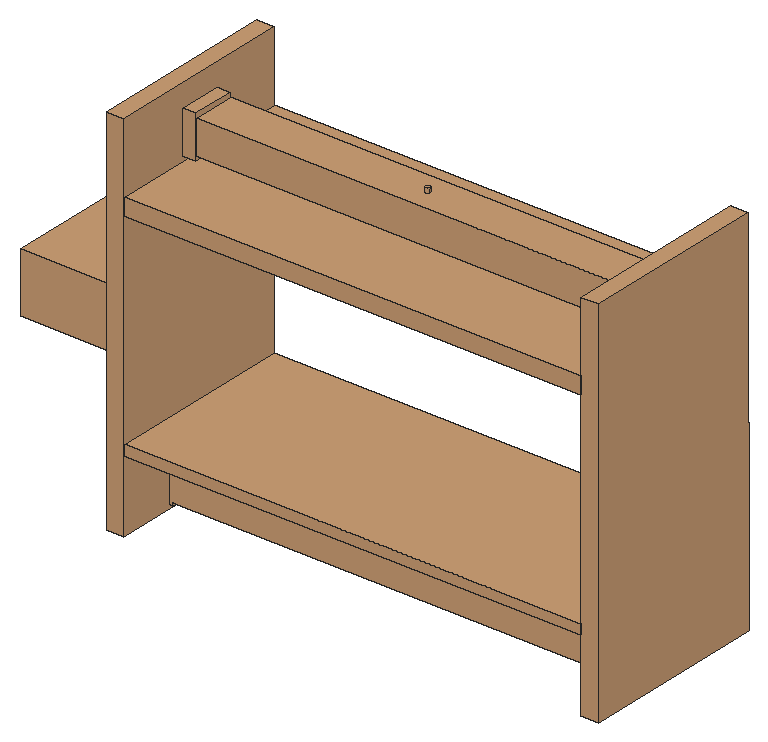
Revit family
Parameters
  Center of Unit = 0' - 0"  # constant formula
  Total Heating Capacity [instance] = 0.0 Btu/h
  Series = "VIFB"
  Outlet Area = 8.94 SF
  Lower Frame Thickness = if(Headers Height = 0' 3", 0' 1 1/4", if(Headers Height = 0' 3 1/4", 0' 1 1/4", 0' 0"))  # 0' - 1 1/4"
  Water Pressure Drop [instance] = 0.00 psi
  Water Flow [instance] = 0 GPM
  Unit Weight (lbs) = 541
  URL = "http://www.ljwing.com/"
  Water Outlet Radius = 0' - 1 1/2"
  Headers Height = if(M = 0' 1", 0' 3", if(M = 0' 1 1/2", 0' 3 1/4", 0' 0"))  # 0' - 3"
  Number of Rows = 2  # constant formula
  Number of Coils [instance] = 0
  Nominal Length = 4' - 9 5/8"
  N = 1' - 0 3/4"
  Model = "VA-5W"
  Manufacturer = "LJ Wing"
  M = 0' - 1"
  Leaving Water Temperature [instance] = 0 °F
  Leaving Air Temperature [instance] = 0 °F
  Entering Water Temperature [instance] = 0 °F
  Entering Air Temperature [instance] = 0 °F
  Description = "Vertical Integral Face & Bypass Water Heating Coils"
  Hot Water Inlet  Radius = 0' - 1 1/2"
  Coil Face Area = Outlet Area * 0.56  # 5.0064 SF
  Casing Material = ""
  Assembly Code = "D3020300"
  Air Vent Radius = 0' - 0 1/4"
  Air Pressure Drop [instance] = 0.00 in-wg
  Air Inlet Width = Nominal Length - 0' 4"  # 4' - 5 5/8"
  Air Inlet Height = Y  # 2' - 0"
  Air Flow [instance] = 0 CFM
  Y = 2' - 0"
  S = 0' - 9 3/4"  # constant formula
  Product URL = "http://www.ljwing.com/html/vifb.asp"
  OmniClass = "23-75 70 21 14 "
  Nominal Height = 3' - 8"
  Nominal Depth = 1' - 10"
  R = 0' - 10 1/4"  # constant formula
  Q = 0' - 4 13/16"
Reference planes (in)
  plane 1 "Center (Front/Back)": y = 0
  plane 2: z = -12
  plane 3 "Center (Left/Right)": x = 0
  plane 4: z = 22.25
  plane 5: x = -28.8125
  plane 6: x = 28.8125
  plane 7: z = -21.75
  plane 8: z = 0
  plane 9: y = -11
  plane 10: y = 11
  plane 11: z = 12
  plane 12: z = 14
  plane 13: z = -13.25
  plane 14: x = 26.8125
  plane 15: x = -26.8125
  plane 16: x = -24
  plane 17: x = 24
  plane 18: y = 14.0625
  plane 19: x = -39.8125
  plane 20: z = 19.125
  plane 21: z = 15.125
  plane 22: y = -2.5
  plane 23: y = 2.5
  plane 24: y = -4.5
  plane 25: z = -19.375
  plane 26: x = -16.0625
  plane 27: x = 16.0625
  plane 28: z = -15.375
Forms (in)
  Extrusion 1, solid, material "Painted Finish"
    sketch origin (0, 6, -9.75) x (1, 0, 0) y (0, 0, 1)
      loop
        line (-28.8125, -12) -> (-26.8125, -12) -> (-26.8125, 32) -> (-28.8125, 32) -> (-28.8125, -12)
      loop
        line (28.8125, -12) -> (28.8125, 32) -> (26.8125, 32) -> (26.8125, -12) -> (28.8125, -12)
    from -5 to 17
  Extrusion 2, solid, material "Painted Finish"
    sketch origin (0, 6, 0) x (1, 0, 0) y (0, 0, 1)
      loop
        line (26.8125, -12) -> (-26.8125, -12) -> (-26.8125, -13.25) -> (26.8125, -13.25) -> (26.8125, -12)
      loop
        line (26.8125, 12) -> (26.8125, 14) -> (-26.8125, 14) -> (-26.8125, 12) -> (26.8125, 12)
    from -5 to 17
  Extrusion 3, solid, material "Painted Finish"
    sketch origin (0, 10, -0.5) x (1, 0, 0) y (0, 0, 1)
      loop
        line (-28.8125, 4) -> (-39.8125, 4) -> (-39.8125, -3) -> (-28.8125, -3) -> (-28.8125, 4)
    from 0 to 20
  Extrusion 4, solid, material "Painted Finish"
    sketch origin (0, 6, 0) x (1, 0, 0) y (0, 0, 1)
      loop
        line (-25.1875, 19.125) -> (-25.1875, 15.125) -> (25.1875, 15.125) -> (25.1875, 19.125) -> (-25.1875, 19.125)
    from 3.5 to 8.5
  Extrusion 5, solid, material "Painted Finish"
    sketch origin (0, 0, 0) x (1, 0, 0) y (0, 0, 1)
      loop
        line (-25.1875, 14.625) -> (-25.1875, 19.625) -> (-26.8125, 19.625) -> (-26.8125, 14.625) -> (-25.1875, 14.625)
      loop
        line (26.8125, 14.625) -> (26.8125, 19.625) -> (25.1875, 19.625) -> (25.1875, 14.625) -> (26.8125, 14.625)
    from -2.5 to 2.5
  Extrusion 6, solid, material "Painted Finish"
    sketch origin (0, 6, 0) x (1, 0, 0) y (0, 0, 1)
      loop
        line (-26.3125, -13.875) -> (-26.3125, -13.625) -> (-26.8125, -13.625) -> (-26.8125, -17.125) -> (-26.3125, -17.125) -> (-26.3125, -16.875) -> (26.3125, -16.875) -> (26.3125, -17.125) -> (26.8125, -17.125) -> (26.8125, -13.625) -> (26.3125, -13.625) -> (26.3125, -13.875) -> (-26.3125, -13.875)
      loop
        line (26.3125, -20.875) -> (26.3125, -21.125) -> (26.8125, -21.125) -> (26.8125, -17.625) -> (26.3125, -17.625) -> (26.3125, -17.875) -> (-26.3125, -17.875) -> (-26.3125, -17.625) -> (-26.8125, -17.625) -> (-26.8125, -21.125) -> (-26.3125, -21.125) -> (-26.3125, -20.875) -> (26.3125, -20.875)
    from -5 to 10.5
  Extrusion 7, void
    sketch origin (0, 0, 0) x (1, 0, 0) y (0, 0, 1)
      loop
        line (-26.8125, 12) -> (-26.8125, -12) -> (26.8125, -12) -> (26.8125, 12) -> (-26.8125, 12)
    from -11 to 11
  Extrusion 8, solid, material "Painted Finish"
    sketch origin (0, 0, 0) x (1, 0, 0) y (0, 0, 1)
      loop
        circle (16.0625, -19.375) r 1
      loop
        circle (-16.0625, -15.375) r 1
    from -14.0625 to -11
  Extrusion 9, solid, material "Painted Finish"
    sketch origin (0, 0, 0) x (1, 0, 0) y (0, 1, 0)
      loop
        circle (0, 0) r 0.25
    from 19.125 to 19.625
Cuts and joins
  Extrusion 7 cuts Extrusion 1
  Extrusion 7 cuts Extrusion 2
Dimensions and locks (in)
  "Nominal Length": plane 6 to plane 5
  equal spacing: plane 6, plane 3 "Center (Left/Right)", plane 5
  "S": plane 2 to plane 7
  "Nominal Depth": plane 10 to plane 9
  equal spacing: plane 10, plane 1 "Center (Front/Back)", plane 9
  "Y": plane 11 to plane 2
  "R": plane 4 to plane 11
  locked: plane 12 to plane 11 at 2
  "Lower Frame Thickness": plane 2 to plane 13
  "Q": plane 16 to plane 5
  "Q": plane 6 to plane 17
  locked: plane 18 to plane 10 at 3.0625
  locked: plane 5 to plane 19 at 11
  locked: Extrusion 3 sketch curve to Extrusion 3 sketch curve at 7
  locked: Extrusion 3 to Extrusion 3 at 20
  locked: plane 6 to plane 14 at 2
  locked: plane 15 to plane 5 at 2
  locked: Extrusion 5 sketch curve to plane 20 at 0.5
  locked: plane 21 to Extrusion 5 sketch curve at 0.5
  locked: plane 20 to plane 21 at 4
  locked: plane 23 to plane 22 at 5
  equal spacing: plane 23, plane 1 "Center (Front/Back)", plane 22
  locked: plane 22 to plane 24 at 2
  plane 4 to plane 7 = 3' - 8"
  locked: Extrusion 5 sketch curve to Extrusion 1 at 1.625
  locked: Extrusion 5 sketch curve to Extrusion 5 sketch curve at 1.625
  locked: Extrusion 7 sketch curve to plane 11 at 0
  locked: Extrusion 7 sketch curve to plane 15 at 0
  locked: Extrusion 7 sketch curve to plane 14 at 0
  locked: plane 15 to Extrusion 6 sketch curve at 0.5
  locked: Extrusion 6 sketch curve to Extrusion 6 sketch curve at 0.25  (x2)
  locked: plane 25 to plane 7 at 2.375
  "N": plane 26 to plane 5
  "N": plane 6 to plane 27
  locked: plane 28 to plane 7 at 6.375
  "Headers Height": Extrusion 6 sketch curve to Extrusion 6 sketch curve  (x2)
  locked: Extrusion 8 sketch curve to plane 25 at 0
  locked: Extrusion 8 sketch curve to plane 28 at 0
  locked: Extrusion 9 sketch curve to plane 1 "Center (Front/Back)" at 0
  locked: Extrusion 9 sketch curve to plane 3 "Center (Left/Right)" at 0
  equal spacing: Extrusion 6 sketch curve, plane 28, Extrusion 6 sketch curve
  equal spacing: Extrusion 6 sketch curve, plane 25, Extrusion 6 sketch curve
  locked: plane 4 to plane 20 at 3.125
  locked: Extrusion 7 sketch curve to plane 2 at 0
  equal spacing: plane 11, plane 8, plane 2
  locked: Extrusion 8 sketch curve to plane 27 at 0
  locked: Extrusion 8 sketch curve to plane 26 at 0
  "M": radius of Extrusion 8 sketch curve  (x2)
  "Air Vent Radius": radius of Extrusion 9 sketch curve
  aligned and locked: plane 9 to Extrusion 1
  aligned and locked: Extrusion 1 to plane 10
  aligned and locked: plane 15 to Extrusion 1
  aligned and locked: Extrusion 1 to plane 14
  aligned and locked: plane 9 to Extrusion 2
  aligned and locked: Extrusion 1 to plane 9
  aligned and locked: plane 10 to Extrusion 1  (x2)
  aligned and locked: Extrusion 2 to plane 10
  aligned and locked: plane 10 to Extrusion 2  (x2)
  aligned and locked: Extrusion 2 to plane 9  (x2)
  aligned and locked: plane 5 to Extrusion 3
  aligned and locked: Extrusion 5 sketch curve to plane 15
  aligned and locked: Extrusion 5 sketch curve to Extrusion 4
  aligned and locked: Extrusion 1 to Extrusion 6
  aligned and locked: plane 22 to Extrusion 5
  aligned and locked: Extrusion 5 to Extrusion 4  (x2)
  aligned and locked: Extrusion 5 to plane 23
  aligned and locked: plane 24 to Extrusion 6
  aligned and locked: Extrusion 4 to Extrusion 5  (x2)
  aligned and locked: Extrusion 5 to Extrusion 1  (x2)
  aligned and locked: Extrusion 1 to Extrusion 7  (x2)
  aligned and locked: Extrusion 8 to plane 18
  aligned and locked: plane 10 to Extrusion 8
  aligned and locked: plane 20 to Extrusion 9
  aligned and locked: Extrusion 9 to Extrusion 5
  aligned and locked: plane 2 to cut or joined group of Extrusion 2, Extrusion 7
  aligned and locked: plane 6 to Extrusion 1 sketch curve
  aligned and locked: plane 14 to Extrusion 1 sketch curve
  aligned and locked: Extrusion 1 sketch curve to plane 15
  aligned and locked: Extrusion 1 sketch curve to plane 5
  aligned and locked: Extrusion 1 sketch curve to plane 4  (x2)
  aligned and locked: plane 7 to Extrusion 1 sketch curve  (x2)
  aligned and locked: Extrusion 2 sketch curve to plane 11
  aligned and locked: Extrusion 2 sketch curve to plane 12
  aligned and locked: plane 2 to Extrusion 2 sketch curve
  aligned and locked: Extrusion 2 sketch curve to plane 13
  aligned and locked: Extrusion 2 sketch curve to plane 14  (x2)
  aligned and locked: Extrusion 2 sketch curve to plane 15  (x2)
  aligned and locked: plane 20 to Extrusion 4 sketch curve
  aligned and locked: Extrusion 4 sketch curve to plane 21
  aligned and locked: Extrusion 6 sketch curve to plane 14  (x2)
  aligned and locked: plane 15 to Extrusion 6 sketch curve  (x2)
Automatic sketch dimensions
  Extrusion 3 sketch curve to plane 19 = 0' - 0"
  Extrusion 3 sketch curve to plane 5 = 0' - 0"
  plane 8 to Extrusion 3 sketch curve = 0' - 3 1/2"
  Extrusion 4 sketch curve to plane 16 = 0' - 1 3/16"
  plane 17 to Extrusion 4 sketch curve = 0' - 1 3/16"
  plane 21 to Extrusion 5 sketch curve = 0' - 0 1/2"
  Extrusion 5 sketch curve to plane 20 = 0' - 0 1/2"
  plane 15 to Extrusion 6 sketch curve = 0' - 0 1/2"  (x2)
  Extrusion 6 sketch curve to Extrusion 6 sketch curve = 0' - 0 1/4"  (x5)
  Extrusion 6 sketch curve to Extrusion 6 sketch curve = 0' - 0"  (x2)
  Extrusion 6 sketch curve to plane 14 = 0' - 0 1/2"  (x2)
  Extrusion 6 sketch curve to Extrusion 6 sketch curve = 0' - 0 1/2"
  Extrusion 6 sketch curve to plane 7 = 0' - 0 5/8"
Connectors (in)
  hvac at (0, -11, 0), driven by "Air Inlet Height", driven by "Air Inlet Width", driven by "Air Flow", driven by "Air Pressure Drop"
    settings: on Extrusion 7, index 1
  hvac at (0, 11, 0), driven by "Air Pressure Drop", driven by "Air Inlet Height", driven by "Air Inlet Width", driven by "Air Flow"
    settings: on Extrusion 7, index 2
  piping at (-16.0625, 14.0625, -15.375), driven by "M", driven by "Water Flow", driven by "Water Pressure Drop"
    settings: on Extrusion 8, index 4
  piping at (16.0625, 14.0625, -19.375), driven by "Water Pressure Drop", driven by "Water Flow", driven by "M"
    settings: on Extrusion 8, index 5
